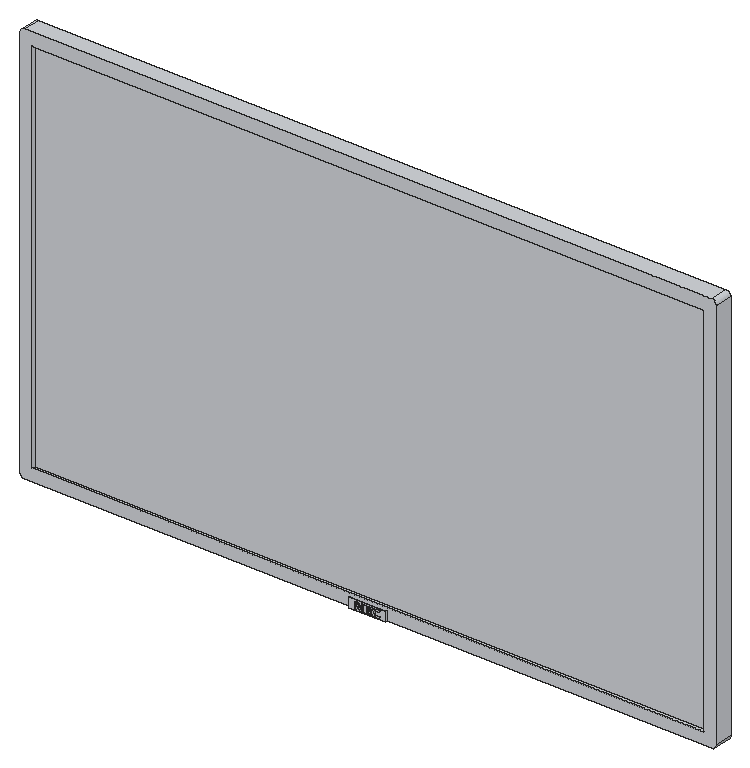
Revit family "V404", category Generic Models, Revit 2012
Parameters
  URL = "www.necdisplay.com"
  SENSORS- Temperature Sensor = "Integrated and programmable; linked to cooling fans"
  SENSORS- NFC Sensor = "Integrated; works in conjunction with free NEC Intelligent Wireless Data Application"
  SENSORS- Human Sensor = "Optional through KT-RC2 Accessory"
  SENSORS- Ambient Light Sensor = "Integrated and programmable"
  POWER CONSUMPTION- Speaker Rating = "Integrated 10W x 10W, Optional 15W x 2"
  POWER CONSUMPTION- On (Typ/Max) = "75W / 95W"
  POWER CONSUMPTION- Normal Standby = "< 0.5W"
  POWER CONSUMPTION- Network Standby = "3W"
  POWER CONSUMPTION- Current Rating = "2.7A - 1.1A @ 100V - 240V"
  PHYSICAL SPECS- Vesa Hole Configuration = "4x M6 x 12mm (300 x 300)"
  PHYSICAL SPECS- Net Weight (w/o Stand) = "31.5 lbs / 14.3 kg"
  PHYSICAL SPECS- Net Dimensions (w/o Stand, WxHxD) = "36.1 x 20.9 x 2.2 in. (918.0 x 530.6 x 54.7 mm)"
  PHYSICAL SPECS- Bezel Width = "13.2mm / 12.2mm/ 13.2mm/ 13.2mm"
  Model = "V404"  # constant formula
  Manufacturer = "NEC Display Solutions"  # constant formula
  LCD MODULE- Contras Ratio (Typical) = "4000:1"
  LCD MODULE- Viewing Angle = "178deg Vert., 178deg Hor (89U/89D/89L/89R) @ CR>10"
  LCD MODULE- Viewable Image Size = "40\""
  LCD MODULE- Panel Technology = "SPVA"
  LCD MODULE- Orientation = "Landscape, Portrait, Face Up, Face Down"
  LCD MODULE- Panel Haze = "25"
  LCD MODULE- Native Resolution = "1920 x 1080"
  LCD MODULE- Displayable Colors = "Over 1.07 Billion"
  LCD MODULE- Brightness (Typical/Minimum) = "400 cd/sqm / 500 cd/sqm"
  LCD MODULE- Aspect Ratio = "16 : 9"
  ENVIRONMENTAL CONDITIONS- Operating Temperature = "0 to 40 C"
  ENVIRONMENTAL CONDITIONS- Operating Humidity = "20 - 80%"
  ENVIRONMENTAL CONDITIONS- Operating Altitude = "3000m (9843ft)"
  Description = "40-in. Commercial Displays Ideal for Digital Signage Applications"  # constant formula
  CONNECTIVITY- Output Terminals- External Control = "LAN (100mb)"
  CONNECTIVITY- Output Terminals- Digital = "DisplayPort (Outputs DisplayPort or OPS)"
  CONNECTIVITY- Output Terminals- Audio = "3.5mm Audio Mini Jack x2, DisplayPort Audio x2, HDMI audio x2"
  CONNECTIVITY- Input Terminals- External Control = "LAN (100Mbit), 3.5 Mini Jack IR Remote, RS232C"
  CONNECTIVITY- Input Terminals- Digital = "HDMI 2.0 x2 (with HDCP), DVI-D (with HDCP), DisplayPort x2 (with HDCP)"
  CONNECTIVITY- Input Terminals- Data = "microSD (Media Player), USB 2.0 (Media Player), USB 2.0 (Service), USB Type-B (Upstream), USB 2.0 x2 (Compute Module, Powered 5V/2A)"
  CONNECTIVITY- Input Terminals- Audio = "3.5mm Audio Mini Jack x2, DisplayPort Audio x2, HDMI Audio x3"
  CONNECTIVITY- Input Terminals- Analog = "VGA 15-pin D-SUB, RCA Composite"
Reference planes (in)
  plane 1 "Center (Front/Back)": y = 0
  plane 2: z = 0
  plane 3 "Center (Left/Right)": x = 0
Forms (in)
  Extrusion 1, solid
    sketch origin (0, 0, 0) x (1, 0, 0) y (0, 0, 1)
      loop
        line (-18.07756, 20.65068) -> (-18.07756, 0.25)
        arc (-18.07756, 0.25) -> (-18.00434, 0.07322) -> (-17.82756, 0) r 0.25
        line (-17.82756, 0) -> (17.82756, 0)
        arc (17.82756, 0) -> (18.00434, 0.07322) -> (18.07756, 0.25) r 0.25
        line (18.07756, 0.25) -> (18.07756, 20.65068)
        arc (18.07756, 20.65068) -> (18.00434, 20.82746) -> (17.82756, 20.90068) r 0.25
        line (17.82756, 20.90068) -> (-17.82756, 20.90068)
        arc (-17.82756, 20.90068) -> (-18.00434, 20.82746) -> (-18.07756, 20.65068) r 0.25
    from 0 to 2.13283
  Extrusion 2, void
    sketch origin (0, 0, 0) x (0, 1, 0) y (0, 0, 1)
      loop
        line (-0.57764, 19.49274) -> (0, 17.37475) -> (1.5, 17.37475) -> (1.5, 21.87475) -> (-1.21456, 21.87475) -> (-1.21456, 20.62398)
        arc (-1.21456, 20.62398) -> (-0.83566, 20.09239) -> (-0.57764, 19.49274) r 3.07191
      loop
        line (-1.21456, 0.24718) -> (-1.21456, -1.97391) -> (1.5, -1.97391) -> (1.5, 3.52609) -> (0, 3.52609) -> (-0.57764, 1.37841)
        arc (-0.57764, 1.37841) -> (-0.83566, 0.77876) -> (-1.21456, 0.24718) r 3.07191
    from -20.28913 to 20.32771
  Extrusion 3, void
    sketch origin (0, 0, 0) x (1, 0, 0) y (0, 1, 0)
      loop
        line (-16.67711, -0.57764) -> (-14.55911, 0) -> (-14.55911, 1.25) -> (-19.55911, 1.25) -> (-19.55911, -1.21456) -> (-17.80834, -1.21456)
        arc (-17.80834, -1.21456) -> (-17.27675, -0.83566) -> (-16.67711, -0.57764) r 3.07191
      loop
        line (17.80834, -1.21456) -> (19.30911, -1.21456) -> (19.30911, 1.25) -> (14.55911, 1.25) -> (14.55911, 0) -> (16.67711, -0.57764)
        arc (16.67711, -0.57764) -> (17.27675, -0.83566) -> (17.80834, -1.21456) r 3.07191
    from -2.31426 to 21.87475
  Extrusion 4, void
    sketch origin (0, 0, 0) x (1, 0, 0) y (0, 0, 1)
      loop
        line (-17.44084, 20.26397) -> (-17.44084, 0.63672) -> (17.44084, 0.63672) -> (17.44084, 20.26397) -> (-17.44084, 20.26397)
    from 1.96829 to 2.49302
  Extrusion 5, void
    sketch origin (0, 0, 0) x (1, 0, 0) y (0, 0, 1)
      loop
        line (1.97721, 14.72346) -> (1.97721, 16.35277) -> (1.56246, 16.35277) -> (1.56246, 14.14582) -> (2.28824, 14.14582)
        arc (2.28824, 14.14582) -> (2.59421, 14.22313) -> (2.82145, 14.44211) r 0.61449
        line (2.82145, 14.44211) -> (3.9619, 15.73069) -> (3.9619, 14.14582) -> (4.37664, 14.14582) -> (4.37664, 16.35277) -> (3.60642, 16.35277)
        arc (3.60642, 16.35277) -> (3.43041, 16.28796) -> (3.28063, 16.17503) r 0.64199
        line (3.28063, 16.17503) -> (1.97721, 14.72346)
      loop
        line (-1.41462, 16.35277) -> (-1.41462, 16.04173) -> (0.27387, 16.04173) -> (0.27387, 15.47884) -> (-1.25164, 15.47884) -> (-1.25164, 15.1678) -> (0.27387, 15.1678) -> (0.27387, 14.70871)
        arc (0.27387, 14.70871) -> (0.16794, 14.52513) -> (-0.03717, 14.4717) r 0.27455
        line (-0.03717, 14.4717) -> (-1.42937, 14.4717) -> (-1.42937, 14.13107) -> (0.17025, 14.13107)
        arc (0.17025, 14.13107) -> (0.49037, 14.14231) -> (0.80708, 14.19025) r 2.78308
        arc (0.80708, 14.19025) -> (1.06595, 14.35496) -> (1.19223, 14.63459) r 0.53652
        line (1.19223, 14.63459) -> (1.19223, 16.35277) -> (-1.41462, 16.35277)
      loop
        arc (-2.37733, 16.31571) -> (-3.38087, 16.45908) -> (-4.3917, 16.38236) r 4.66657
        line (-4.3917, 16.38236) -> (-4.3917, 16.06018)
        arc (-4.3917, 16.06018) -> (-3.67838, 16.14501) -> (-2.96981, 16.02689) r 2.54199
        arc (-2.96981, 16.02689) -> (-2.55503, 15.27893) -> (-2.96981, 14.53097) r 0.88178
        arc (-2.96981, 14.53097) -> (-3.70002, 14.41118) -> (-4.43614, 14.48654) r 2.80452
        line (-4.43614, 14.48654) -> (-4.43614, 14.13107)
        arc (-4.43614, 14.13107) -> (-3.42678, 14.07254) -> (-2.42176, 14.18288) r 6.05192
        arc (-2.42176, 14.18288) -> (-1.59248, 15.23248) -> (-2.37733, 16.31571) r 1.10833
      loop
        arc (3.26579, 9.46717) -> (3.19257, 9.64394) -> (3.01579, 9.71717) r 0.25
        line (3.01579, 9.71717) -> (-3.01601, 9.71717)
        arc (-3.01601, 9.71717) -> (-3.19279, 9.64394) -> (-3.26601, 9.46717) r 0.25
        line (-3.26601, 9.46717) -> (-3.26601, 5.28684)
        arc (-3.26601, 5.28684) -> (-3.19279, 5.11007) -> (-3.01601, 5.03684) r 0.25
        line (-3.01601, 5.03684) -> (3.01579, 5.03684)
        arc (3.01579, 5.03684) -> (3.19257, 5.11007) -> (3.26579, 5.28684) r 0.25
        line (3.26579, 5.28684) -> (3.26579, 9.46717)
      loop
        line (13.07272, 15.83431) -> (7.24825, 15.83431)
        arc (7.24825, 15.83431) -> (7.07147, 15.76109) -> (6.99825, 15.58431) r 0.25
        line (6.99825, 15.58431) -> (6.99825, 9.89314)
        arc (6.99825, 9.89314) -> (7.07147, 9.71636) -> (7.24825, 9.64314) r 0.25
        line (7.24825, 9.64314) -> (13.07272, 9.64314)
        arc (13.07272, 9.64314) -> (13.2495, 9.71636) -> (13.32272, 9.89314) r 0.25
        line (13.32272, 9.89314) -> (13.32272, 15.58431)
        arc (13.32272, 15.58431) -> (13.2495, 15.76109) -> (13.07272, 15.83431) r 0.25
      loop
        arc (14.19656, 9.245) -> (14.12334, 9.42177) -> (13.94656, 9.495) r 0.25
        line (13.94656, 9.495) -> (6.84834, 9.495)
        arc (6.84834, 9.495) -> (6.67157, 9.42177) -> (6.59834, 9.245) r 0.25
        line (6.59834, 9.245) -> (6.59834, 5.42014)
        arc (6.59834, 5.42014) -> (6.67157, 5.24337) -> (6.84834, 5.17014) r 0.25
        line (6.84834, 5.17014) -> (13.94656, 5.17014)
        arc (13.94656, 5.17014) -> (14.12334, 5.24337) -> (14.19656, 5.42014) r 0.25
        line (14.19656, 5.42014) -> (14.19656, 9.245)
      loop
        line (-8.09634, 4.74056) -> (-8.09634, 16.16019)
        arc (-8.09634, 16.16019) -> (-8.44257, 16.50643) -> (-8.78881, 16.16019) r 0.34624
        line (-8.78881, 16.16019) -> (-8.78881, 4.74056)
        arc (-8.78881, 4.74056) -> (-8.44257, 4.39432) -> (-8.09634, 4.74056) r 0.34624
      loop
        circle (5.10243, 16.51566) r 0.37031
      loop
        circle (-5.1174, 16.51566) r 0.37031
      loop
        circle (-3.888, 8.39904) r 0.37031
      loop
        circle (3.87303, 8.39904) r 0.37031
    from 0 to 0.0251
  Extrusion 6, void
    sketch origin (0, 0, 0) x (1, 0, 0) y (0, 0, 1)
      loop
        line (9.49243, 1.30438) -> (5.9815, 1.30438)
        arc (5.9815, 1.30438) -> (5.87102, 1.25862) -> (5.82525, 1.14813) r 0.15625
        line (5.82525, 1.14813) -> (5.82525, 0.55711)
        arc (5.82525, 0.55711) -> (5.87102, 0.44663) -> (5.9815, 0.40086) r 0.15625
        line (5.9815, 0.40086) -> (9.4932, 0.40086)
        arc (9.4932, 0.40086) -> (9.60369, 0.44663) -> (9.64945, 0.55711) r 0.15625
        line (9.64945, 0.55711) -> (9.64945, 1.14736)
        arc (9.64945, 1.14736) -> (9.60346, 1.25839) -> (9.49243, 1.30438) r 0.15702
    from 0 to 1.21456
  Extrusion 7, solid
    sketch origin (0, -1.21456, 0) x (-1, 0, 0) y (0, 0, 1)
      loop
        circle (-9.17309, 0.87062) r 0.15232
      loop
        circle (-8.77318, 0.87062) r 0.15232
      loop
        circle (-8.38807, 0.87062) r 0.15232
      loop
        circle (-7.98817, 0.87062) r 0.15232
      loop
        circle (-7.59568, 0.87062) r 0.15232
      loop
        circle (-7.2032, 0.87062) r 0.15232
      loop
        circle (-6.80329, 0.87062) r 0.15232
      loop
        circle (-6.40338, 0.87062) r 0.15232
    from 0.04253 to 0.21072
  Extrusion 8, void
    sketch origin (0, -0.0251, 0) x (1, 0, 0) y (0, 0, 1)
      loop
        circle (5.10243, 16.51566) r 0.22578
      loop
        circle (-5.1174, 16.51566) r 0.22578
      loop
        circle (-3.888, 8.39904) r 0.22578
      loop
        circle (3.87303, 8.39904) r 0.22578
    from 0 to 0.55254
  Extrusion 9, void
    sketch origin (0, 0, 0) x (0, 1, 0) y (0, 0, 1)
      loop
        line (-1.21456, 16.09745) -> (-1.21456, 4.70547) -> (0.31121, 4.70547) -> (0.31121, 16.09745) -> (-1.21456, 16.09745)
    from 15.33726 to 20.32771
  Extrusion 10, void
    sketch origin (15.33726, 0, 0) x (0, -1, 0) y (0, 0, 1)
      loop
        line (1.1761, 10.93035) -> (0.73333, 10.93035) -> (0.73333, 10.33375) -> (1.1761, 10.33375) -> (1.1761, 10.93035)
      loop
        line (1.1761, 9.60226) -> (1.1761, 10.19886) -> (0.73333, 10.19886) -> (0.73333, 9.60226) -> (1.1761, 9.60226)
      loop
        circle (0.97789, 9.23768) r 0.22996
      loop
        line (1.15682, 8.73624) -> (0.69487, 8.73624) -> (0.69487, 8.48598) -> (1.15682, 8.48598) -> (1.15682, 8.73624)
      loop
        line (0.98359, 7.44661) -> (1.15682, 7.44661) -> (1.15682, 8.07214) -> (0.98359, 8.07214) -> (0.98359, 7.44661)
      loop
        line (0.69487, 11.08441) -> (1.15682, 11.08441) -> (1.15682, 11.33466) -> (0.69487, 11.33466) -> (0.69487, 11.08441)
      loop
        line (0.69487, 11.46932) -> (1.15682, 11.46932) -> (1.15682, 11.71958) -> (0.69487, 11.71958) -> (0.69487, 11.46932)
      loop
        line (0.81036, 11.85423) -> (1.1761, 11.85423) -> (1.1761, 12.25843) -> (0.81036, 12.25843) -> (0.81036, 11.85423)
      loop
        line (0.69487, 12.64346) -> (0.69487, 12.39321) -> (1.15682, 12.39321) -> (1.15682, 12.64346) -> (0.69487, 12.64346)
      loop
        circle (0.97535, 13.03358) r 0.15914
      loop
        line (0.81036, 13.37483) -> (1.13753, 13.37483) -> (1.13753, 13.68283) -> (0.81036, 13.68283) -> (0.81036, 13.37483)
      loop
        line (1.09907, 15.68455) -> (0.48319, 15.68455) -> (0.48319, 14.04846) -> (1.09907, 14.04846) -> (1.09907, 15.68455)
      loop
        line (1.1761, 5.7335) -> (0.9643, 5.7335) -> (0.9643, 5.1369) -> (1.1761, 5.1369) -> (1.1761, 5.7335)
      loop
        line (0.84882, 6.25318) -> (1.11836, 6.27247) -> (1.15682, 6.31092) -> (1.15682, 6.88847) -> (1.11836, 6.92692) -> (0.84882, 6.94621) -> (0.81036, 6.90764) -> (0.81036, 6.29175) -> (0.84882, 6.25318)
    from 0 to 0.29636
  Extrusion 11, solid
    sketch origin (0, 0, 0) x (1, 0, 0) y (0, 0, 1)
      loop
        line (-0.62552, 0.35099) -> (-0.62552, 0.03287) -> (-0.56574, 0.03287) -> (-0.56574, 0.26132) -> (-0.3892, 0.06185)
        arc (-0.3892, 0.06185) -> (-0.36013, 0.04045) -> (-0.32484, 0.03287) r 0.08594
        line (-0.32484, 0.03287) -> (-0.21987, 0.03287) -> (-0.21987, 0.35099) -> (-0.27965, 0.35099) -> (-0.27965, 0.11613) -> (-0.45743, 0.31411)
        arc (-0.45743, 0.31411) -> (-0.49484, 0.34135) -> (-0.54011, 0.35099) r 0.11112
        line (-0.54011, 0.35099) -> (-0.62552, 0.35099)
      loop
        line (0.20927, 0.35099) -> (-0.1665, 0.35099) -> (-0.1665, 0.11576)
        arc (-0.1665, 0.11576) -> (-0.1416, 0.05564) -> (-0.08147, 0.03074) r 0.08502
        line (-0.08147, 0.03074) -> (0.2114, 0.03074) -> (0.2114, 0.07984) -> (-0.00228, 0.07984)
        arc (-0.00228, 0.07984) -> (-0.02479, 0.08917) -> (-0.03412, 0.11168) r 0.03184
        line (-0.03412, 0.11168) -> (-0.03412, 0.18018) -> (0.18578, 0.18018) -> (0.18578, 0.22502) -> (-0.03412, 0.22502) -> (-0.03412, 0.30616) -> (0.20927, 0.30616) -> (0.20927, 0.35099)
      loop
        arc (0.63841, 0.35526) -> (0.4927, 0.36632) -> (0.34805, 0.34565) r 0.67267
        arc (0.34805, 0.34565) -> (0.23491, 0.18951) -> (0.35445, 0.03821) r 0.15976
        arc (0.35445, 0.03821) -> (0.49932, 0.0223) -> (0.64482, 0.03074) r 0.87237
        line (0.64482, 0.03074) -> (0.64482, 0.08198)
        arc (0.64482, 0.08198) -> (0.53871, 0.07112) -> (0.43345, 0.08838) r 0.40427
        arc (0.43345, 0.08838) -> (0.37366, 0.1962) -> (0.43345, 0.30402) r 0.12711
        arc (0.43345, 0.30402) -> (0.53559, 0.32104) -> (0.63841, 0.30882) r 0.36642
        line (0.63841, 0.30882) -> (0.63841, 0.35526)
    from 2.181 to 2.20958
  Extrusion 12, solid
    sketch origin (0, 0, 0) x (0, 1, 0) y (0, 0, 1)
      loop
        line (-2.181, 0.438) -> (-2.181, -0.04898) -> (-1.96891, -0.04898) -> (-1.96891, 0) -> (-2.13283, 0) -> (-2.13283, 0.438) -> (-2.181, 0.438)
    from -0.97198 to 0.97198
  Extrusion 13, void
    sketch origin (0, -1.21456, 20.90068) x (0, 0, 1) y (-1, 0, 0)
      loop
        line (-1.01537, -17.68859) -> (-1.96805, -17.68859)
        arc (-1.96805, -17.68859) -> (-2.03033, -17.67814) -> (-2.08579, -17.64796) r 0.19094
        line (-2.08579, -17.64796) -> (-2.23635, -17.53003)
        arc (-2.23635, -17.53003) -> (-2.27339, -17.49152) -> (-2.29831, -17.44425) r 0.19094
        line (-2.29831, -17.44425) -> (-2.4624, -16.98731)
        arc (-2.4624, -16.98731) -> (-2.53225, -16.89567) -> (-2.6421, -16.8609) r 0.19094
        line (-2.6421, -16.8609) -> (-3.55112, -16.8609)
        arc (-3.55112, -16.8609) -> (-3.66042, -16.89528) -> (-3.73036, -16.98603) r 0.19094
        line (-3.73036, -16.98603) -> (-3.78688, -17.13997)
        arc (-3.78688, -17.13997) -> (-3.85682, -17.23072) -> (-3.96612, -17.2651) r 0.19094
        line (-3.96612, -17.2651) -> (-4.7327, -17.2651) -> (-4.7327, -15.28256) -> (-16.10803, -15.28256) -> (-16.10803, -17.2651) -> (-16.96208, -17.2651)
        arc (-16.96208, -17.2651) -> (-17.05397, -17.24154) -> (-17.12317, -17.17667) r 0.19094
        line (-17.12317, -17.17667) -> (-17.26783, -16.94933)
        arc (-17.26783, -16.94933) -> (-17.33704, -16.88446) -> (-17.42892, -16.8609) r 0.19094
        line (-17.42892, -16.8609) -> (-18.27341, -16.8609)
        arc (-18.27341, -16.8609) -> (-18.38261, -16.89521) -> (-18.45256, -16.9858) r 0.19094
        line (-18.45256, -16.9858) -> (-18.66557, -17.56369)
        arc (-18.66557, -17.56369) -> (-18.73553, -17.65428) -> (-18.84473, -17.68859) r 0.19094
        line (-18.84473, -17.68859) -> (-19.9367, -17.68859)
        arc (-19.9367, -17.68859) -> (-20.07171, -17.63266) -> (-20.12764, -17.49765) r 0.19094
        line (-20.12764, -17.49765) -> (-20.12764, -17.40353)
        arc (-20.12764, -17.40353) -> (-20.18356, -17.26852) -> (-20.31857, -17.21259) r 0.19094
        line (-20.31857, -17.21259) -> (-20.38464, -17.21259)
        arc (-20.38464, -17.21259) -> (-20.51965, -17.15667) -> (-20.57557, -17.02166) r 0.19094
        line (-20.57557, -17.02166) -> (-20.57557, -15.62292)
        arc (-20.57557, -15.62292) -> (-20.54564, -15.52029) -> (-20.46523, -15.44983) r 0.19094
        line (-20.46523, -15.44983) -> (-19.48488, -14.99334)
        arc (-19.48488, -14.99334) -> (-19.40447, -14.92289) -> (-19.37454, -14.82025) r 0.19094
        line (-19.37454, -14.82025) -> (-19.37454, -5.23531) -> (-19.37454, -4.04632) -> (-16.21643, -4.04632) -> (-16.21643, 4.11249) -> (-20.61197, 4.11249) -> (-21.86197, 4.11249) -> (-21.86197, -20.17324) -> (1.13803, -20.17324) -> (1.13803, 19.20072) -> (-21.86197, 19.20072) -> (-21.86197, 4.20072) -> (-20.61197, 4.20072) -> (-20.61197, 7.16011) -> (-18.07129, 7.16011) -> (-18.07129, 9.93659) -> (-20.59758, 9.93659) -> (-20.59758, 13.05843)
        arc (-20.59758, 13.05843) -> (-20.5671, 13.16193) -> (-20.48537, 13.23238) r 0.19094
        line (-20.48537, 13.23238) -> (-20.16459, 13.37756)
        arc (-20.16459, 13.37756) -> (-20.03454, 13.57917) -> (-20.16459, 13.78077) r 0.22129
        line (-20.16459, 13.78077) -> (-20.48537, 13.92596)
        arc (-20.48537, 13.92596) -> (-20.5671, 13.99641) -> (-20.59758, 14.09991) r 0.19094
        line (-20.59758, 14.09991) -> (-20.59758, 17.11785)
        arc (-20.59758, 17.11785) -> (-20.54166, 17.25287) -> (-20.40665, 17.30879) r 0.19094
        line (-20.40665, 17.30879) -> (-20.32341, 17.30879)
        arc (-20.32341, 17.30879) -> (-20.1884, 17.36471) -> (-20.13248, 17.49973) r 0.19094
        line (-20.13248, 17.49973) -> (-20.13248, 17.59385)
        arc (-20.13248, 17.59385) -> (-20.07655, 17.72886) -> (-19.94154, 17.78479) r 0.19094
        line (-19.94154, 17.78479) -> (-18.88066, 17.78479)
        arc (-18.88066, 17.78479) -> (-18.7708, 17.75002) -> (-18.70096, 17.65838) r 0.19094
        line (-18.70096, 17.65838) -> (-18.49451, 17.0835)
        arc (-18.49451, 17.0835) -> (-18.42466, 16.99187) -> (-18.31481, 16.9571) r 0.19094
        line (-18.31481, 16.9571) -> (-17.40579, 16.9571)
        arc (-17.40579, 16.9571) -> (-17.29649, 16.99148) -> (-17.22655, 17.08223) r 0.19094
        line (-17.22655, 17.08223) -> (-17.04163, 17.58587)
        arc (-17.04163, 17.58587) -> (-16.94062, 17.71618) -> (-16.78329, 17.7655) r 0.2756
        line (-16.78329, 17.7655) -> (-15.19609, 17.7655)
        arc (-15.19609, 17.7655) -> (-15.09022, 17.73346) -> (-15.01988, 17.64809) r 0.19094
        line (-15.01988, 17.64809) -> (-14.91843, 17.40497)
        arc (-14.91843, 17.40497) -> (-14.69814, 17.20715) -> (-14.47784, 17.40497) r 0.22158
        line (-14.47784, 17.40497) -> (-14.37639, 17.64809)
        arc (-14.37639, 17.64809) -> (-14.30605, 17.73346) -> (-14.20018, 17.7655) r 0.19094
        line (-14.20018, 17.7655) -> (-6.76082, 17.7655)
        arc (-6.76082, 17.7655) -> (-6.65495, 17.73346) -> (-6.58461, 17.64809) r 0.19094
        line (-6.58461, 17.64809) -> (-6.48316, 17.40497)
        arc (-6.48316, 17.40497) -> (-6.26286, 17.20715) -> (-6.04256, 17.40497) r 0.22158
        line (-6.04256, 17.40497) -> (-5.94111, 17.64809)
        arc (-5.94111, 17.64809) -> (-5.87077, 17.73346) -> (-5.7649, 17.7655) r 0.19094
        line (-5.7649, 17.7655) -> (-4.17771, 17.7655)
        arc (-4.17771, 17.7655) -> (-4.02038, 17.71618) -> (-3.91936, 17.58587) r 0.2756
        line (-3.91936, 17.58587) -> (-3.73445, 17.08223)
        arc (-3.73445, 17.08223) -> (-3.66451, 16.99148) -> (-3.55521, 16.9571) r 0.19094
        line (-3.55521, 16.9571) -> (-2.64619, 16.9571)
        arc (-2.64619, 16.9571) -> (-2.53633, 16.99187) -> (-2.46648, 17.0835) r 0.19094
        line (-2.46648, 17.0835) -> (-2.30239, 17.54045)
        arc (-2.30239, 17.54045) -> (-2.27747, 17.58772) -> (-2.24043, 17.62623) r 0.19094
        line (-2.24043, 17.62623) -> (-2.08988, 17.74416)
        arc (-2.08988, 17.74416) -> (-2.03441, 17.77434) -> (-1.97213, 17.78479) r 0.19094
        line (-1.97213, 17.78479) -> (-1.01946, 17.78479)
        arc (-1.01946, 17.78479) -> (-0.88444, 17.72886) -> (-0.82852, 17.59385) r 0.19094
        line (-0.82852, 17.59385) -> (-0.82852, 17.49973)
        arc (-0.82852, 17.49973) -> (-0.7726, 17.36471) -> (-0.63758, 17.30879) r 0.19094
        line (-0.63758, 17.30879) -> (-0.55435, 17.30879)
        arc (-0.55435, 17.30879) -> (-0.41872, 17.25226) -> (-0.35933, 17.11785) r 0.19811
        line (-0.35933, 17.11785) -> (-0.35933, 5.33493)
        arc (-0.35933, 5.33493) -> (-0.38307, 5.24272) -> (-0.44838, 5.17345) r 0.19094
        line (-0.44838, 5.17345) -> (-0.8264, 4.93493)
        arc (-0.8264, 4.93493) -> (-0.93667, 4.73497) -> (-0.8264, 4.535) r 0.23644
        line (-0.8264, 4.535) -> (-0.44838, 4.29649)
        arc (-0.44838, 4.29649) -> (-0.38307, 4.22721) -> (-0.35933, 4.13501) r 0.19094
        line (-0.35933, 4.13501) -> (-0.35933, -4.03869)
        arc (-0.35933, -4.03869) -> (-0.38307, -4.1309) -> (-0.44838, -4.20017) r 0.19094
        line (-0.44838, -4.20017) -> (-0.8264, -4.43869)
        arc (-0.8264, -4.43869) -> (-0.93667, -4.63865) -> (-0.8264, -4.83862) r 0.23644
        line (-0.8264, -4.83862) -> (-0.44838, -5.07713)
        arc (-0.44838, -5.07713) -> (-0.38307, -5.14641) -> (-0.35933, -5.23861) r 0.19094
        line (-0.35933, -5.23861) -> (-0.35933, -17.02166)
        arc (-0.35933, -17.02166) -> (-0.41525, -17.15667) -> (-0.55027, -17.21259) r 0.19094
        line (-0.55027, -17.21259) -> (-0.6335, -17.21259)
        arc (-0.6335, -17.21259) -> (-0.76851, -17.26852) -> (-0.82444, -17.40353) r 0.19094
        line (-0.82444, -17.40353) -> (-0.82444, -17.49765)
        arc (-0.82444, -17.49765) -> (-0.88036, -17.63266) -> (-1.01537, -17.68859) r 0.19094
    from 0 to -3.24807
  Extrusion 14, void
    sketch origin (0, -1.96829, 0) x (-1, 0, 0) y (0, 0, 1)
      loop
        line (-14.72442, 1.52615) -> (-5.23531, 1.52615) -> (-5.23531, 3.9458) -> (-14.72442, 3.9458) -> (-14.72442, 1.52615)
    from 0.8814 to 4.0018
  Extrusion 15, solid
    sketch origin (0, -1.96829, 0) x (1, 0, 0) y (0, 0, 1)
      loop
        arc (9.55214, 1.04334) -> (9.49621, 1.17835) -> (9.3612, 1.23427) r 0.19094
        line (9.3612, 1.23427) -> (6.12245, 1.23427)
        arc (6.12245, 1.23427) -> (5.98744, 1.17835) -> (5.93152, 1.04334) r 0.19094
        line (5.93152, 1.04334) -> (5.93152, 0.61316)
        arc (5.93152, 0.61316) -> (5.98744, 0.47815) -> (6.12245, 0.42222) r 0.19094
        line (6.12245, 0.42222) -> (9.3612, 0.42222)
        arc (9.3612, 0.42222) -> (9.49621, 0.47815) -> (9.55214, 0.61316) r 0.19094
        line (9.55214, 0.61316) -> (9.55214, 1.04334)
      loop
        line (12.79962, 1.25117) -> (10.64797, 1.25117) -> (10.64797, 0.44484) -> (12.79962, 0.44484) -> (12.79962, 1.25117)
    from -0.79626 to -0.75373
Cuts and joins
  Extrusion 2, Extrusion 3, Extrusion 4, Extrusion 5, Extrusion 6, Extrusion 8, Extrusion 9, Extrusion 10, Extrusion 13, Extrusion 14 cuts Extrusion 1
Dimensions and locks (in)
  aligned and locked: plane 2 to level
  aligned and locked: Extrusion 1 sketch curve to level
  aligned and locked: Extrusion 3 to Extrusion 8
  aligned and locked: Extrusion 3 to Extrusion 9
